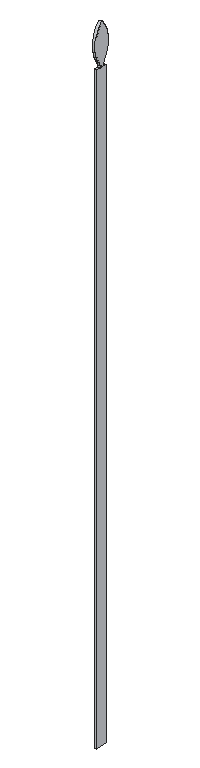
Revit family
Parameters (values of type "25mm Wide")
  built-in parameter 1008623 [instance] = (empty or 0)
  built-in parameter 1008625 [instance] = (empty or 0)
  Width = 25 mm
  Post = yes
  Manufacturer = ""
  Description = ""
  built-in parameter 1008624 [instance] = (empty or 0)
  built-in parameter 1008622 [instance] = 1400 mm
  Assembly Code = ""
Types (3, lengths in mm): name | Width
  35mm Wide | 35
  25mm Wide | 25
  15mm Wide | 15
Reference planes
  plane 1 "Center (Front/Back)": y = 0
  plane 2: z = 0
  plane 3 "Center (Left/Right)": x = 0
  plane 4 "Top of Post": z = 1400
  plane 5: y = 12.5
  plane 6: y = -12.5
Forms (mm)
  Extrusion 1, solid
    sketch origin (0, 0, 0) x (1, 0, 0) y (0, 0, 1)
      loop
        line (-2.5, 0) -> (2.5, 0) -> (2.5, 1400) -> (-2.5, 1400) -> (-2.5, 0)
    from -12.5 to 12.5
  Extrusion 2, solid
    sketch origin (0, 0, 0) x (0, 1, 0) y (0, 0, 1)
      loop
        line (-2.858, 1400) -> (2.858, 1400) -> (2.858, 1405)
        arc (2.858, 1405) -> (18.402, 1450.741) -> (0, 1495.409) r 68.718
        arc (0, 1495.409) -> (-18.402, 1450.741) -> (-2.858, 1405) r 68.718
        line (-2.858, 1405) -> (-2.858, 1400)
    from -2.5 to 2.5
Dimensions and locks
  "built-in parameter 1008622": plane 4 "Top of Post" to level
  equal spacing: Extrusion 1 sketch curve, plane 3 "Center (Left/Right)", Extrusion 1 sketch curve
  locked: Extrusion 1 sketch curve to Extrusion 1 sketch curve at 5
  equal spacing: plane 6, plane 1 "Center (Front/Back)", plane 5
  "Width": plane 6 to plane 5
  aligned and locked: plane 6 to Extrusion 1
  aligned and locked: Extrusion 1 to plane 5
  aligned and locked: plane 4 "Top of Post" to Extrusion 1 sketch curve
  aligned and locked: Extrusion 2 to Extrusion 1
  aligned and locked: Extrusion 1 to Extrusion 2
Automatic sketch dimensions
  Extrusion 1 sketch curve to level = 0 mm
  plane 4 "Top of Post" to Extrusion 2 sketch curve = 0 mm
  Extrusion 2 sketch curve to plane 1 "Center (Front/Back)" = 2.858 mm
  Extrusion 2 sketch curve to plane 4 "Top of Post" = 5 mm  (x2)
  Extrusion 2 sketch curve to plane 5 = 37.782 mm
  plane 6 to Extrusion 2 sketch curve = 37.782 mm
  plane 1 "Center (Front/Back)" to Extrusion 2 sketch curve = 2.858 mm
  plane 1 "Center (Front/Back)" to Extrusion 2 sketch curve = 0 mm
  Extrusion 2 sketch curve to plane 4 "Top of Post" = 48.57 mm
